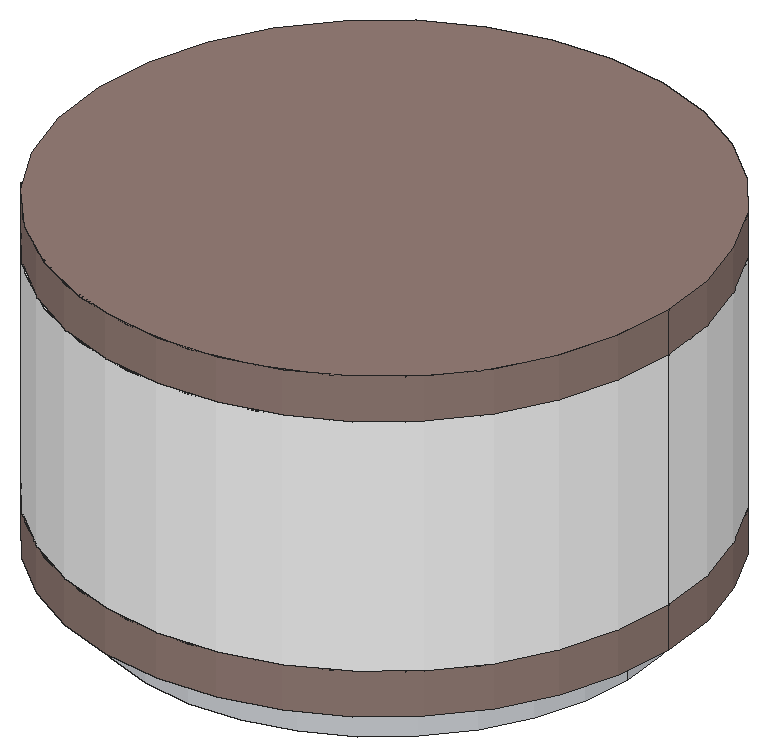
Revit family
Parameters
  Spark Arrestor Height = 0' - 5 1/2"
  Spark Arrestor Radius = 0' - 7"
  Inner Flue Radius = 0' - 5 1/2"
  Flue Size Radius [instance] = 0' - 6"
Reference planes (in)
  plane 1 "Center (Front/Back)": y = 0
  plane 2: z = 0
  plane 3 "Center (Left/Right)": x = 0
  plane 4: z = 2
  plane 5: z = 7.5
  plane 6: z = 8.5
  plane 7: z = 1
Forms (in)
  Extrusion 1, solid
    sketch origin (0, 0, 0) x (1, 0, 0) y (0, 1, 0)
      loop
        circle (0, 0) r 6
      loop
        circle (0, 0) r 5.5
    from 0 to 1
  Extrusion 2, solid, material "Metal"
    sketch origin (0, 0, 0) x (1, 0, 0) y (0, 1, 0)
      loop
        circle (0, 0) r 7
      loop
        circle (0, 0) r 5.5
    from 1 to 2
  Extrusion 3, solid, material "Metal Grill"
    sketch origin (0, 0, 0) x (1, 0, 0) y (0, 1, 0)
      loop
        circle (0, 0) r 7
      loop
        circle (0, 0) r 5.5
    from 2 to 7.5
  Extrusion 4, solid, material "Metal"
    sketch origin (0, 0, 0) x (1, 0, 0) y (0, 1, 0)
      loop
        circle (0, 0) r 7
    from 7.5 to 8.5
Dimensions and locks (in)
  "Spark Arrestor Height": plane 5 to plane 4
  plane 6 to plane 5 = 0' - 1"
  plane 4 to plane 7 = 0' - 1"
  plane 7 to plane 2 = 0' - 1"
  "Spark Arrestor Radius": radius of Extrusion 3 sketch curve
  "Spark Arrestor Radius": radius of Extrusion 4 sketch curve
  "Spark Arrestor Radius": radius of Extrusion 2 sketch curve
  "Flue Size Radius": radius of Extrusion 1 sketch curve
  "Inner Flue Radius": radius of Extrusion 3 sketch curve
  "Inner Flue Radius": radius of Extrusion 2 sketch curve
  "Inner Flue Radius": radius of Extrusion 1 sketch curve
  aligned: Extrusion 1 to level
  aligned: Extrusion 2 to Extrusion 3
  aligned: Extrusion 3 to Extrusion 4
  aligned: plane 4 to Extrusion 2
  aligned: plane 5 to Extrusion 4
  aligned: plane 6 to Extrusion 4
  aligned: plane 7 to Extrusion 2
Automatic sketch dimensions
  Extrusion 1 sketch curve to Extrusion 1 sketch curve = 0' - 0"  (x2)
  Extrusion 1 sketch curve to plane 1 "Center (Front/Back)" = 0' - 0"
  Extrusion 1 sketch curve to plane 3 "Center (Left/Right)" = 0' - 0"
  Extrusion 2 sketch curve to Extrusion 2 sketch curve = 0' - 0"  (x2)
  Extrusion 2 sketch curve to plane 1 "Center (Front/Back)" = 0' - 0"
  Extrusion 2 sketch curve to plane 3 "Center (Left/Right)" = 0' - 0"
  Extrusion 3 sketch curve to Extrusion 3 sketch curve = 0' - 0"  (x2)
  Extrusion 3 sketch curve to plane 1 "Center (Front/Back)" = 0' - 0"
  Extrusion 3 sketch curve to plane 3 "Center (Left/Right)" = 0' - 0"
  Extrusion 4 sketch curve to plane 1 "Center (Front/Back)" = 0' - 0"
  Extrusion 4 sketch curve to plane 3 "Center (Left/Right)" = 0' - 0"
